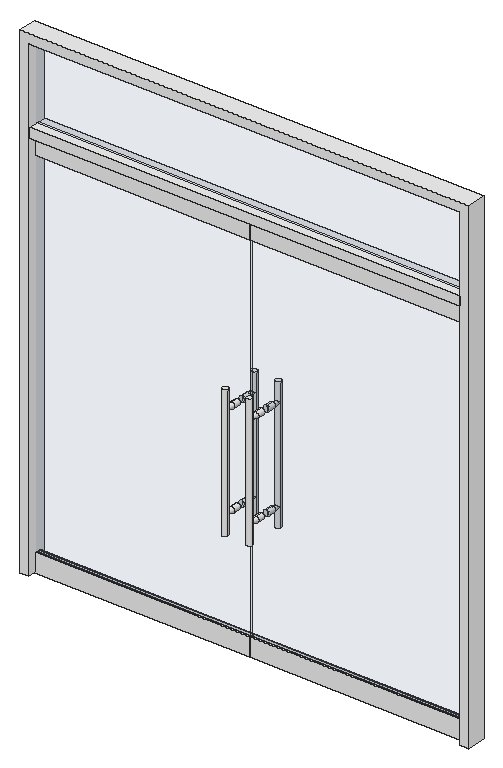
Revit family
Parameters (values of type "SSD9")
  프레임 투영 외부. = 25 mm
  프레임 투영 내부. = 25 mm
  프레임 폭 = 75 mm
  Height = 2600 mm
  Wall Closure = (empty or 0)
  Width = 2400 mm
  문 두께 = 100 mm
  문 패널 = SSD10 문 패널
  문 높이 = 2100 mm
  문 프레임 = SSD10 문 프레임
Types (3, lengths in mm): name | Width
  (no name) | 2400
  SSD2 | 1800
  SSD9 | 2400
Reference planes
  plane 1: y = 0
  plane 2 "왼쪽": x = -2150
  plane 3 "오른쪽": x = 250
  plane 4: z = 2600
  plane 5 "외부": y = 75
  plane 6 "내부": y = -75
  plane 7: x = -2100
  plane 8: x = 200
  plane 9: y = 50
  plane 10: y = -50
  plane 11: z = 2550
  plane 12: z = 2100
  plane 13: z = 2150
  plane 14: z = 2000
  plane 15: z = 100
  plane 16: y = 6
  plane 17: y = -6
  plane 18: y = 16
  plane 19: y = -16
  plane 20: x = -950
  plane 21: x = -1015
  plane 22: x = -885
  plane 23: z = 600
  plane 24: z = 1050
Forms (mm)
  Sweep 1, solid, material "SSD10 문 프레임" <- "문 프레임"
    path origin (0, 75, 0) x (1, 0, 0) y (0, 0, 1)
      loop
        line (250, 0) -> (250, 2600) -> (-2150, 2600) -> (-2150, 0)
    profile origin (250, 75, 1300) x (-1, 0, 0) y (0, -1, 0)
      loop
        line (50, 25) -> (50, 125) -> (0, 125) -> (0, 25) -> (50, 25)
  Extrusion 2, solid, material "SSD10 문 패널" <- "문 패널"
    sketch origin (900, 0, 0) x (1, 0, 0) y (0, 1, 0)
      loop
        line (-3000, 6) -> (-3000, -6) -> (-1850, -6) -> (-1850, 6) -> (-3000, 6)
    from 0 to 2100
  Extrusion 3, solid, material "SSD10 문 패널" <- "문 패널"
    sketch origin (900, 0, 0) x (1, 0, 0) y (0, 1, 0)
      loop
        line (-1850, 6) -> (-1850, -6) -> (-700, -6) -> (-700, 6) -> (-1850, 6)
    from 0 to 2100
  Extrusion 4, solid, material "SSD10 문 프레임" <- "문 프레임"
    sketch origin (900, 0, 0) x (1, 0, 0) y (0, 1, 0)
      loop
        line (-3000, -16) -> (-1850, -16) -> (-1850, -6) -> (-3000, -6) -> (-3000, -16)
      loop
        line (-3000, 6) -> (-1850, 6) -> (-1850, 16) -> (-3000, 16) -> (-3000, 6)
    from 0 to 100
  Extrusion 5, solid, material "SSD10 문 프레임" <- "문 프레임"
    sketch origin (900, 0, 0) x (1, 0, 0) y (0, 1, 0)
      loop
        line (-1850, -16) -> (-700, -16) -> (-700, -6) -> (-1850, -6) -> (-1850, -16)
      loop
        line (-1850, 6) -> (-700, 6) -> (-700, 16) -> (-1850, 16) -> (-1850, 6)
    from 0 to 100
  Extrusion 6, solid, material "SSD10 문 프레임" <- "문 프레임"
    sketch origin (-2581.693, 300, 2000) x (0, 1, 0) y (1, 0, 0)
      loop
        line (-294, 481.693) -> (-284, 481.693) -> (-284, 1631.693) -> (-294, 1631.693) -> (-294, 481.693)
      loop
        line (-316, 481.693) -> (-306, 481.693) -> (-306, 1631.693) -> (-316, 1631.693) -> (-316, 481.693)
    from 0 to -100
  Extrusion 7, solid, material "SSD10 문 프레임" <- "문 프레임"
    sketch origin (-2581.693, 300, 2000) x (0, 1, 0) y (1, 0, 0)
      loop
        line (-294, 1631.693) -> (-284, 1631.693) -> (-284, 2781.693) -> (-294, 2781.693) -> (-294, 1631.693)
      loop
        line (-316, 1631.693) -> (-306, 1631.693) -> (-306, 2781.693) -> (-316, 2781.693) -> (-316, 1631.693)
    from 0 to -100
  Extrusion 8, solid, material "SSD10 문 패널" <- "문 패널"
    sketch origin (-2581.693, 300, 2100) x (0, 1, 0) y (1, 0, 0)
      loop
        line (-294, 481.693) -> (-294, 2781.693) -> (-306, 2781.693) -> (-306, 481.693) -> (-294, 481.693)
    from -50 to -450
  Extrusion 9, solid, material "SSD10 문 프레임" <- "문 프레임"
    sketch origin (-2581.693, 300, 2100) x (0, 1, 0) y (1, 0, 0)
      loop
        line (-250, 481.693) -> (-250, 2781.693) -> (-350, 2781.693) -> (-350, 481.693) -> (-250, 481.693)
    from 0 to -50
Lines and regions (mm)
  Opening 1
    outline origin (-3050, -75, 0) x (1, 0, 0) y (0, 0, 1)
      loop
        line (900, 0) -> (3300, 0) -> (3300, 2600) -> (900, 2600) -> (900, 0)
  symbolic lines, style "평면 스윙"
    curve 1: line (-2100, -1150.157, 2100) -> (-2068, -1150.157, 2100)
    curve 6: line (-2100, 0, 2100) -> (-2100, 1150.157, 2100)
    curve 7: line (-2100, 1150.157, 2100) -> (-2068, 1150.157, 2100)
    curve 8: line (-2068, 1150.157, 2100) -> (-2068, 0, 2100)
    curve 9: line (-2100, 0, 2100) -> (-2100, -1150.157, 2100)
    curve 10: line (-2100, -1150.157, 2100) -> (-2068, -1150.157, 2100)
    curve 11: line (-2068, -1150.157, 2100) -> (-2068, 0, 2100)
    curve 12: line (200, 0, 2100) -> (200, 1150.157, 2100)
    curve 13: line (200, 1150.157, 2100) -> (168, 1150.157, 2100)
    curve 14: line (168, 1150.157, 2100) -> (168, 0, 2100)
    curve 15: line (200, 0, 2100) -> (200, -1150.157, 2100)
    curve 16: line (200, -1150.157, 2100) -> (168, -1150.157, 2100)
    curve 17: line (168, -1150.157, 2100) -> (168, 0, 2100)
    curve 18: arc (-2068, 1150.157, 2100) -> (-1275.381, 802.166, 2100) -> (-950, 0, 2100) r 1150
    curve 19: arc (-950, 0, 2100) -> (-1275.381, -802.166, 2100) -> (-2068, -1150.157, 2100) r 1150
    curve 20: arc (168, -1150.157, 2100) -> (-624.619, -802.166, 2100) -> (-950, 0, 2100) r 1150
    curve 21: arc (168, 1150.157, 2100) -> (-624.619, 802.166, 2100) -> (-950, 0, 2100) r 1150
  symbolic lines, style "입면도 스윙"
    curve 2: line (-950, 75, 2100) -> (200, 75, 1050)
    curve 3: line (200, 75, 1050) -> (-950, 75, 0)
    curve 4: line (-950, 75, 0) -> (-2100, 75, 1050)
    curve 5: line (-2100, 75, 1050) -> (-950, 75, 2100)
Text (mm)
  text "외부" at (-2295.016, 1099.543, 0), in view "참조 레벨"
  text "외부" at (0, 1615.38, 3698.081), in view "왼쪽"
  text "외부" at (0, 1036.032, 3874.932), in view "오른쪽"
Dimensions and locks
  plane 2 "왼쪽" to plane 3 "오른쪽" = 2400 mm
  "Width": plane 2 "왼쪽" to plane 3 "오른쪽"
  "Height": plane 4 to host wall
  "문 높이": host wall to plane 12
  host wall to plane 4 = 2600 mm
  locked: plane 5 "외부" to host wall at 0
  locked: plane 6 "내부" to host wall
  locked: plane 2 "왼쪽" to plane 7 at 50
  locked: plane 8 to plane 3 "오른쪽" at 50
  "문 두께": plane 9 to plane 10
  locked: plane 11 to plane 4 at 50
  locked: plane 12 to plane 13 at 50
  locked: plane 14 to plane 12 at 100
  locked: level to plane 15 at 100
  plane 16 to host wall to plane 17 = 6 mm locked, 6 mm locked
  locked: plane 17 to plane 19 at 10
  locked: plane 18 to plane 16 at 10
  plane 21 to plane 20 to plane 22 = 65 mm locked, 65 mm locked
  locked: level to plane 24 at 1050
  equal spacing: plane 2 "왼쪽", plane 20, plane 3 "오른쪽"
  plane 12 to plane 4 = 500 mm
  equal spacing: plane 9, plane 1, plane 10
  curve 9 to curve 11 = 32 mm
  curve 17 to curve 15 = 32 mm
  aligned and locked: plane 2 "왼쪽" to Opening 1 sketch curve
  aligned and locked: plane 4 to Opening 1 sketch curve  (x2)
  aligned and locked: Opening 1 sketch curve to plane 3 "오른쪽"
  aligned and locked: Opening 1 sketch curve to level
  aligned and locked: host wall to plane 1
  aligned and locked: Sweep 1 sketch curve to plane 2 "왼쪽"
  aligned and locked: plane 4 to Sweep 1 sketch curve
  aligned and locked: plane 3 "오른쪽" to Sweep 1 sketch curve
  aligned and locked: plane 8 to Sweep 1 sketch curve
  aligned and locked: host wall to Sweep 1 sketch curve
  aligned and locked: Sweep 1 sketch curve to plane 9
  aligned and locked: plane 10 to Sweep 1 sketch curve
  aligned and locked: plane 11 to Sweep 1
  aligned and locked: Extrusion 2 sketch curve to plane 16
  aligned and locked: plane 17 to Extrusion 2 sketch curve
  aligned and locked: plane 20 to Extrusion 2 sketch curve
  aligned and locked: Extrusion 2 to Extrusion 3 sketch curve
  aligned and locked: Extrusion 3 sketch curve to Extrusion 2
  aligned and locked: plane 17 to Extrusion 3 sketch curve
  aligned and locked: Extrusion 3 to plane 12
  aligned and locked: Extrusion 2 to plane 12
  aligned and locked: Extrusion 4 sketch curve to plane 19
  aligned and locked: Extrusion 2 to Extrusion 4 sketch curve
  aligned and locked: Extrusion 4 sketch curve to Extrusion 2  (x3)
  aligned and locked: plane 18 to Extrusion 4 sketch curve
  aligned and locked: Extrusion 4 sketch curve to plane 20
  aligned and locked: Extrusion 5 sketch curve to Extrusion 4
  aligned and locked: Extrusion 4 to Extrusion 5 sketch curve
  aligned and locked: Extrusion 3 to Extrusion 5 sketch curve
  aligned and locked: Extrusion 2 to Extrusion 5 sketch curve
  aligned and locked: Extrusion 5 sketch curve to Extrusion 3
  aligned and locked: plane 18 to Extrusion 5 sketch curve
  aligned and locked: plane 15 to Extrusion 5
  aligned and locked: plane 15 to Extrusion 4
  aligned and locked: Extrusion 2 to Extrusion 6 sketch curve
  aligned and locked: Extrusion 6 sketch curve to Extrusion 2  (x2)
  aligned and locked: Extrusion 6 sketch curve to Extrusion 4  (x3)
  aligned and locked: Extrusion 4 to Extrusion 6 sketch curve
  aligned and locked: Extrusion 3 to Extrusion 6 sketch curve
  aligned and locked: Extrusion 7 sketch curve to Extrusion 2
  aligned and locked: Extrusion 2 to Extrusion 7 sketch curve
  aligned and locked: Extrusion 7 sketch curve to Extrusion 5
  aligned and locked: Extrusion 7 sketch curve to Extrusion 4
  aligned and locked: Extrusion 4 to Extrusion 7 sketch curve
  aligned and locked: Extrusion 7 sketch curve to Extrusion 3
  aligned and locked: Extrusion 7 to plane 12
  aligned and locked: Extrusion 6 to plane 12
  aligned and locked: Extrusion 8 sketch curve to Extrusion 2
  aligned and locked: Extrusion 8 to Sweep 1
  aligned and locked: plane 13 to Extrusion 8
  aligned and locked: Extrusion 9 to plane 13
  aligned and locked: Extrusion 4 to nested 1
  aligned and locked: Extrusion 5 to nested 2
  aligned and locked: nested 2 to plane 22
  aligned and locked: nested 1 to plane 21
  aligned and locked: nested 3 to Extrusion 4
  aligned and locked: nested 4 to Extrusion 5
  aligned and locked: plane 22 to nested 4
  aligned and locked: plane 21 to nested 3
  aligned and locked: plane 23 to nested 4
  aligned and locked: plane 23 to nested 3
  aligned and locked: nested 2 to plane 23
  aligned and locked: nested 1 to plane 23
  aligned and locked: plane 7 to Extrusion 4 sketch curve  (x2)
  aligned and locked: Extrusion 5 sketch curve to plane 8  (x2)
  aligned and locked: plane 7 to Extrusion 6 sketch curve  (x2)
  aligned and locked: Extrusion 7 sketch curve to plane 8  (x2)
  aligned and locked: plane 8 to Extrusion 8 sketch curve
  aligned and locked: Extrusion 8 sketch curve to plane 7
  aligned and locked: Extrusion 9 sketch curve to plane 7
  aligned and locked: plane 8 to Extrusion 9 sketch curve
  aligned and locked: plane 8 to Extrusion 3 sketch curve
  aligned and locked: Extrusion 2 sketch curve to plane 7
  aligned and locked: plane 24 to curve 3
  aligned and locked: plane 24 to curve 5
  aligned and locked: plane 7 to curve 5
  aligned and locked: plane 8 to curve 3
  aligned and locked: plane 12 to curve 5
Automatic sketch dimensions
  Sweep 1 sketch curve to level = 0 mm  (x2)
  curve 2 to plane 20 = 0 mm
  curve 4 to level = 0 mm
  curve 4 to plane 20 = 0 mm
  Extrusion 9 sketch curve to plane 10 = 0 mm
  Extrusion 9 sketch curve to plane 9 = 0 mm
  Extrusion 8 sketch curve to plane 17 = 0 mm
  curve 1 to plane 7 = 0 mm
  curve 16 to plane 8 = 0 mm
  curve 12 to host wall = 0 mm
  curve 19 to host wall = 0 mm
  curve 8 to host wall = 0 mm
  curve 14 to host wall = 0 mm
  curve 6 to host wall = 0 mm
  curve 19 to plane 20 = 0 mm
  plane 8 to curve 20 = 0 mm
  host wall to curve 20 = 0.603 mm
  curve 19 to plane 7 = 0 mm
  host wall to curve 19 = 0.603 mm
  curve 18 to plane 7 = 0 mm
  curve 18 to host wall = 0.603 mm
  plane 8 to curve 21 = 0 mm
  curve 21 to host wall = 0.603 mm
Nested families
  nested 1: "KO_문 손잡이 유형3" at (-1015, -16, 100), type "핸들 유형3 03 길이700"
  nested 2: "KO_문 손잡이 유형3" at (-885, -16, 100), type "핸들 유형3 03 길이700"
  nested 3: "KO_문 손잡이 유형3" at (-1015, 16, 100), type "핸들 유형3 03 길이700"
  nested 4: "KO_문 손잡이 유형3" at (-885, 16, 100), type "핸들 유형3 03 길이700"
Definition of nested family "KO_문 손잡이 유형3"
  Parameters (values of type "핸들 유형3 01 길이600")
    링크 점 = 100 mm
    링크 재료 = 금속 - 크롬(2)
    핸들 재료 = 금속 - 크롬(2)
    핸들 깊이 = 80 mm
    링크 두께 = 10 mm
    핸들 반지름 = 17.5 mm
    기둥 점 = 500 mm
    핸들 길이 = 600 mm
    Assembly Code = ""
  Types (3, lengths in mm): name | 핸들 반지름 | 핸들 길이
    핸들 유형3 01 길이600 | 17.5 | 600
    핸들 유형3 02 길이650 | 15 | 650
    핸들 유형3 03 길이700 | 15 | 700
  Reference planes
    plane 1 "중심(앞/뒤)": y = 0
    plane 2: z = 0
    plane 3 "중심(왼쪽/오른쪽)": x = 0
    plane 4 "하드웨어": z = 500
    plane 5: z = 1100
  Forms (mm)
    Sweep 1, solid, material "금속 - 크롬(2)" <- "핸들 재료"
      path origin (0, 0, 0) x (0, 1, 0) y (0, 0, 1)
        loop
          line (-80, 1100) -> (-80, 500)
      profile origin (0, 0, 800) x (1, 0, 0) y (0, 1, 0)
        loop
          circle (0, -80) r 17.5
    Revolve 2, solid, material "금속 - 크롬(2)" <- "링크 재료"
      sketch origin (0, 0, 0) x (0, 1, 0) y (0, 0, 1)
        loop
          line (-80, 1000) -> (0, 1000) -> (0, 1015) -> (-40, 1015) -> (-80, 1007.081) -> (-80, 1000)
        axis (-80, 1000) -> (0, 1000)
      angle from 0 to 360
    Revolve 3, solid, material "금속 - 크롬(2)" <- "링크 재료"
      sketch origin (0, 0, 0) x (0, 1, 0) y (0, 0, 1)
        loop
          line (0, 600) -> (0, 615) -> (-40, 615) -> (-80, 607.081) -> (-80, 600) -> (0, 600)
        axis (-80, 600) -> (0, 600)
      angle from 0 to 360
  Dimensions and locks
    "기둥 점": plane 4 "하드웨어" to plane 2
    "핸들 길이": plane 5 to plane 4 "하드웨어"
    "핸들 깊이": Sweep 1 sketch curve to plane 1 "중심(앞/뒤)"
    locked: Revolve 2 sketch curve to Revolve 2 sketch curve at 15
    locked: Revolve 2 sketch curve to Revolve 2 sketch curve at 7.081
    "링크 점": Revolve 2 sketch curve to Sweep 1
    locked: Revolve 3 sketch curve to Revolve 3 sketch curve at 7.081
    locked: Revolve 3 sketch curve to Revolve 3 sketch curve at 15
    "링크 점": plane 4 "하드웨어" to Revolve 3 sketch curve
    equal spacing: Revolve 2 sketch curve, Revolve 2 sketch curve, Revolve 2 sketch curve
    equal spacing: Revolve 3 sketch curve, Revolve 3 sketch curve, Revolve 3 sketch curve
    "핸들 반지름": radius of Sweep 1 sketch curve
    aligned and locked: plane 4 "하드웨어" to Sweep 1 sketch curve
    aligned and locked: plane 5 to Sweep 1 sketch curve
    aligned and locked: Sweep 1 to Revolve 2 sketch curve  (x2)
    aligned and locked: Sweep 1 to Revolve 3 sketch curve
    aligned and locked: Revolve 3 sketch curve to plane 1 "중심(앞/뒤)"
  Automatic sketch dimensions
    Sweep 1 sketch curve to plane 3 "중심(왼쪽/오른쪽)" = 0 mm
    Sweep 1 sketch curve to profile plane = 0 mm
    Revolve 2 sketch curve to Revolve 2 sketch curve = 0 mm  (x2)
    Revolve 2 sketch curve to plane 1 "중심(앞/뒤)" = 70 mm
    Revolve 3 sketch curve to Revolve 3 sketch curve = 0 mm  (x2)
    Revolve 3 sketch curve to Revolve 3 sketch curve = 39.243 mm
    Revolve 2 sketch curve to plane 1 "중심(앞/뒤)" = 0 mm
